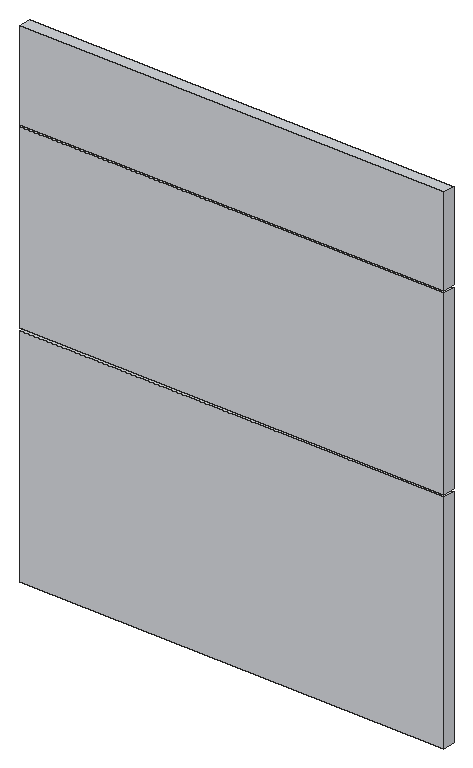
Revit family "Front - 3 Drawers", category Casework, Revit 2024
Family settings
  Work Plane-Based = No
  Always vertical = Yes
  Cut with Voids When Loaded = No
  Shared = No
  Room Calculation Point = No
Parameters (values of type "Front - 3 Drawers")
  Width = 600 mm
  Swing = yes
  Height = 704 mm
  Front Finish = none
  Depth = 16 mm
  Default Elevation = 0 mm
  Creator Organization [instance] = "© Danish Educational Content"  # constant formula
  Creator Name [instance] = "© Erik Falck Jørgensen"  # constant formula
  Creator Build [instance] = "2023.0405.0"  # constant formula
  Assembly Code = ""
Reference planes
  plane 1 "Front": y = 0
  plane 2: z = 0
  plane 3 "Center (Left/Right)": x = 0
  plane 4: x = -300
  plane 5: x = 300
  plane 6: z = 704
  plane 7: z = 576
  plane 8: z = 320
  plane 9: z = 576
  plane 10: z = 320
Forms (mm)
  Extrusion 1, solid, material <- "Front Finish"
    sketch origin (0, 0, 0) x (1, 0, 0) y (0, 0, 1)
      loop
        line (-297, 701) -> (-297, 3) -> (297, 3) -> (297, 701) -> (-297, 701)
    from 0 to 16 <- "Depth"
  Extrusion 2, void
    sketch origin (0, 0, 0) x (0, 1, 0) y (0, 0, 1)
      loop
        line (0, 577.5) -> (-16, 577.5) -> (-16, 574.5) -> (0, 574.5) -> (0, 577.5)
    from -300 to 300
  Extrusion 3, void
    sketch origin (0, 0, -256) x (0, 1, 0) y (0, 0, 1)
      loop
        line (0, 577.5) -> (-16, 577.5) -> (-16, 574.5) -> (0, 574.5) -> (0, 577.5)
    from -300 to 300
Cuts and joins
  Extrusion 2, Extrusion 3 cuts Extrusion 1
Lines and regions (mm)
  symbolic lines, style "Elevation Swing", visible <- "Swing"
    curve 1: line (-279.787, -35.011, 0) -> (279.787, -35.011, 0)
    curve 2: line (-259.597, -69.981, 0) -> (259.597, -69.981, 0)
    curve 3: line (-239.407, -104.951, 0) -> (239.407, -104.951, 0)
  symbolic lines, style "InvisibleLines"
    curve 4: line (-300, 0, 0) -> (-199.009, -174.921, 0)
    curve 5: line (300, 0, 0) -> (199.009, -174.921, 0)
  reference lines
    curve 6: line (-300, 0, 0) -> (-100, -346.41, 0)
    curve 7: line (300, 0, 0) -> (102.5, -342.08, 0)
Dimensions and locks
  equal spacing: plane 4, plane 3 "Center (Left/Right)", plane 5
  "Width": plane 4 to plane 5
  "Height": plane 6 to plane 2
  locked: Extrusion 1 sketch curve to plane 2 at 3
  locked: plane 6 to Extrusion 1 sketch curve at 3
  locked: Extrusion 1 sketch curve to plane 4 at 3
  locked: plane 5 to Extrusion 1 sketch curve at 3
  plane 6 to plane 7 to plane 8 to plane 2 = 128 mm, 256 mm, 320 mm
  equal spacing: Extrusion 2 sketch curve, plane 9, Extrusion 2 sketch curve
  locked: Extrusion 2 sketch curve to Extrusion 2 sketch curve at 3
  equal spacing: Extrusion 3 sketch curve, plane 10, Extrusion 3 sketch curve
  locked: Extrusion 3 sketch curve to Extrusion 3 sketch curve at 3
  curve 3 to curve 2 to curve 1 to plane 1 "Front" = 34.97 mm locked, 34.97 mm locked, 35.011 mm locked
  locked: plane 4 to curve 6 (angle 30.00°)
  locked: curve 7 to plane 5 (angle 30.00°)
  aligned and locked: level to plane 2
  aligned and locked: Extrusion 2 sketch curve to Extrusion 1  (x2)
  aligned and locked: plane 7 to plane 9
  aligned and locked: plane 8 to plane 10
  aligned and locked: cut or joined group of Extrusion 1, Extrusion 2, Extrusion 3 to plane 4  (x2)
  aligned: cut or joined group of Extrusion 1, Extrusion 2, Extrusion 3 to plane 4  (x2)
  aligned: plane 5 to cut or joined group of Extrusion 1, Extrusion 2, Extrusion 3  (x2)
  aligned and locked: plane 5 to cut or joined group of Extrusion 1, Extrusion 2, Extrusion 3  (x2)
  aligned and locked: curve 7 to curve 5
  aligned and locked: curve 4 to curve 6
Automatic sketch dimensions
  Extrusion 3 sketch curve to plane 1 "Front" = 0 mm
  Extrusion 3 sketch curve to Extrusion 3 sketch curve = 16 mm
  plane 1 "Front" to curve 6 = 0 mm
  curve 6 to plane 4 = 0 mm
  plane 1 "Front" to curve 7 = 0 mm
  curve 7 to plane 5 = 0 mm
  plane 1 "Front" to curve 4 = 0 mm
  plane 1 "Front" to curve 5 = 0 mm
  curve 3 to curve 4 = 40.397 mm
  curve 5 to curve 3 = 40.397 mm
